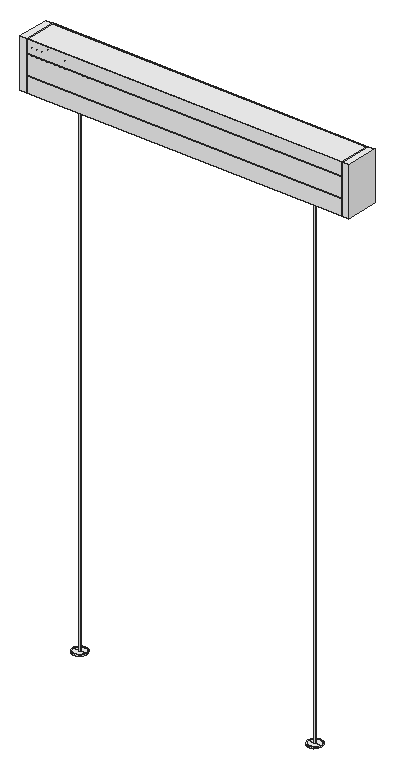
Revit family "2.3 inch  MAGIC WALL WASH LINEAR LIGHT", category Lighting Fixtures, host Face, Revit 2020 (continued)
Types (17): name | Wattage Comments | Wattage | Wall Mount | Suspenders Distance | Surface Mount | Recessed Mount | Photometric Web File | Pendent Mount | Order number | built-in parameter 1150142 | Model | built-in parameter 1150105 | Lumens | Light Source Height | Light Source Distance | built-in parameter 1150106 | Fixture Length
    7     2.64     2.60     2.56     \r\n 2.53     2.50     2.47     2.44     2.43     2.43     2.43     2.44     2.46     2.49     \r\n 2.51     2.54     2.57     2.59     2.62     2.65     2.68     2.72     2.75     2.79     \r\n 2.82     2.85     2.88     2.91     2.94     2.97     3.00     3.04     3.07     3.10     \r\n 3.13     3.16     3.20     3.23     3.26     3.30     3.34     3.38     3.41     3.44     \r\n 3.47     3.51     3.54     3.57     3.61     3.64     3.68     3.71     3.74     3.78     \r\n 3.81     3.85     3.90     3.94     3.97     3.99     4.04     4.09     4.14     4.20     \r\n 4.26     \r\n1793.11  1804.85  1816.57  1827.46  1838.14  1848.39  1858.34  1868.02  1877.27  1886.40  \r\n 1894.97  1903.55  1912.02  1920.49  1928.66  1936.73  1944.39  1951.71  1958.67  1964.85  \r\n 1971.03  1977.54  1984.06  1989.84  1995.53  2001.29  2007.08  2012.13  2016.36  2020.83  \r\n 2026.08  2031.31  2035.08  2038.83  2042.24  2045.59  2048.82  2051.95  2054.95  2057.74  \r\n 2060.43  2062.60  2064.75  2066.76  2068.74  2070.10  2071.16  2071.74  2071.58  2071.46  \r\n 2071.71  2071.99  2071.84  2071.63  2070.55  2069.06  2067.37  2065.35  2063.17  2060.15  \r\n 2057.15  2054.01  2050.82  2047.22  2043.35  2038.01  2028.71  2019.24  2009.37  1999.23  \r\n 1987.52  1975.04  1961.87  1947.76  1932.96  1916.96  1900.38  1883.12  1865.29  1845.95  \r\n 1825.04  1803.47  1780.71  1757.39  1732.76  1707.35  1680.94  1653.31  1625.06  1596.78  \r\n 1568.02  1539.55  1511.00  1481.99  1452.64  1422.99  1392.69  1362.02  1331.00  1299.64  \r\n 1268.03  1236.05  1203.81  1171.14  1138.05  1104.76  1071.68  1038.57  1008.04  981.54   \r\n 955.36   929.15   903.22   877.81   853.26   829.08   805.46   782.28   759.39   737.21   \r\n 715.38   694.00   673.27   652.77   632.81   613.45   594.23   575.23   556.43   537.77   \r\n 519.55   501.65   483.91   466.19   448.62   433.71   419.88   406.52   393.54   381.02   \r\n 369.02   357.37   346.06   335.54   325.36   315.49   306.06   297.17   288.42   279.80   \r\n 271.27   262.82   254.48   245.83   236.67   227.46   218.37   209.42   200.59   191.89   \r\n 183.28   174.76   166.33   157.98   149.71   141.52   133.42   125.40   118.17   111.02   \r\n 103.88   96.77    89.67    82.58    75.50    68.43    61.37    54.31    47.26    40.20    \r\n 33.14    31.05    28.95    26.86    24.77    22.68    20.60    18.53    16.48    14.44    \r\n 12.41    10.40    8.42     6.62     6.76     6.90     7.04     7.18     7.32     7.46     \r\n 7.60     7.74     7.89     8.03     8.18     8.32     8.47     8.61     8.75     8.87     \r\n 9.00     9.12     9.23     9.35     9.46     9.56     9.66     9.76     9.85     9.94     \r\n 10.03    10.11    10.18    10.25    10.30    10.36    10.37    10.17    9.98     9.79     \r\n 9.59     9.40     9.20     9.00     8.80     8.61     8.42     8.22     8.02     7.82     \r\n 7.63     7.43     7.24     7.05     6.86     6.67     6.49     6.31     6.13     5.95     \r\n 5.78     5.61     5.44     5.29     5.16     5.03     4.89     4.75     4.63     4.51     \r\n 4.40     4.29     4.19     4.10     4.01     3.93     3.84     3.76     3.68     3.60     \r\n 3.53     3.46     3.40     3.32     3.25     3.19     3.13     3.08     3.03     2.97     \r\n 2.92     2.87     2.82     2.77     2.71     2.64     2.56     2.52     2.48     2.45     \r\n 2.43     2.41     2.41     2.42     2.40     2.39     2.39     2.40     2.40     2.39     \r\n 2.39     2.39     2.38     2.39     2.39     2.39     2.40     2.41     2.41     2.42     \r\n 2.45     2.47     2.50     2.53     2.56     2.58     2.61     2.64     2.68     2.71     \r\n 2.75     2.78     2.81     2.85     2.88     2.91     2.95     2.98     3.01     3.05     \r\n 3.08     3.11     3.15     3.18     3.22     3.25     3.29     3.33     3.37     3.40     \r\n 3.44     3.47     3.51     3.54     3.58     3.61     3.65     3.69     3.72     3.76     \r\n 3.79     3.83     3.88     3.93     3.96     3.99     4.02     4.08     4.13     4.20     \r\n 4.26     \r\n1793.11  1805.57  1818.02  1829.52  1840.88  1851.69  1862.30  1872.46  1882.34  1891.86  \r\n 1901.02  1910.16  1919.24  1928.22  1936.90  1945.50  1953.38  1961.26  1968.08  1974.83  \r\n 1981.79  1988.81  1995.30  2001.55  2007.82  2014.11  2019.73  2024.46  2029.42  2035.00  \r\n 2040.40  2044.65  2048.86  2052.53  2056.21  2059.81  2063.39  2066.74  2070.01  2072.88  \r\n 2075.50  2078.02  2080.44  2082.47  2083.71  2084.81  2085.06  2085.30  2085.74  2086.19  \r\n 2086.46  2086.67  2085.76  2084.40  2082.81  2081.02  2078.78  2075.84  2072.94  2070.13  \r\n 2067.25  2063.55  2059.84  2054.14  2048.20  2042.40  2036.64  2030.08  2022.79  2015.40  \r\n 2007.89  2000.26  1991.94  1983.67  1975.12  1966.59  1956.33  1940.50  1922.83  1904.28  \r\n 1884.91  1864.39  1843.27  1820.98  1798.11  1773.91  1749.20  1724.80  1700.31  1674.79  \r\n 1648.18  1621.17  1593.41  1565.38  1536.51  1507.36  1477.83  1447.98  1417.52  1386.26  \r\n 1354.72  1322.24  1289.70  1256.74  1223.61  1189.75  1155.15  1120.61  1086.21  1051.97  \r\n 1017.54  983.40   949.78   916.76   884.18   853.11   822.66   793.70   766.02   740.71   \r\n 719.99   699.41   679.21   659.27   639.30   618.62   598.17   578.10   558.37   538.91   \r\n 519.94   501.28   483.25   466.04   449.15   433.36   418.42   403.98   390.10   376.71   \r\n 363.85   351.98   340.63   330.86   321.12   311.51   302.04   292.95   283.95   275.01   \r\n 266.14   257.39   248.77   240.27   231.86   223.57   215.40   207.36   199.23   190.82   \r\n 182.53   174.36   166.31   158.37   150.54   142.82   135.20   127.68   120.26   112.93   \r\n 105.72   98.60    91.51    84.45    77.42    70.41    63.41    56.43    49.46    42.49    \r\n 35.52    32.74    29.97    27.20    24.44    21.69    18.95    16.24    13.54    10.88    \r\n 8.24     7.07     7.20     7.33     7.47     7.60     7.73     7.86     8.00     8.13     \r\n 8.27     8.40     8.53     8.69     8.85     9.01     9.17     9.32     9.47     9.61     \r\n 9.75     9.89     10.03    10.16    10.29    10.42    10.55    10.67    10.72    10.56    \r\n 10.40    10.24    10.07    9.90     9.73     9.55     9.37     9.19     9.01     8.83     \r\n 8.64     8.45     8.26     8.06     7.86     7.67     7.48     7.29     7.10     6.90     \r\n 6.72     6.53     6.32     6.12     5.92     5.73     5.55     5.38     5.21     5.04     \r\n 4.89     4.74     4.60     4.47     4.34     4.21     4.09     3.98     3.88     3.78     \r\n 3.69     3.59     3.50     3.41     3.33     3.26     3.19     3.12     3.07     3.01     \r\n 2.96     2.90     2.85     2.79     2.75     2.70     2.66     2.61     2.56     2.52     \r\n 2.48     2.45     2.41     2.38     2.35     2.33     2.31     2.29     2.25     2.20     \r\n 2.19     2.18     2.19     2.20     2.22     2.25     2.28     2.29     2.30     2.32     \r\n 2.33     2.33     2.33     2.33     2.34     2.34     2.35     2.36     2.37     2.39     \r\n 2.40     2.41     2.44     2.47     2.50     2.53     2.56     2.59     2.62     2.65     \r\n 2.69     2.73     2.76     2.79     2.83     2.86     2.90     2.93     2.96     3.00     \r\n 3.04     3.07     3.10     3.14     3.18     3.21     3.25     3.29     3.33     3.38     \r\n 3.41     3.44     3.48     3.52     3.55     3.59     3.63     3.67     3.71     3.74     \r\n 3.78     3.82     3.86     3.91     3.95     3.98     4.01     4.07     4.13     4.19     \r\n 4.26     \r\n1793.11  1806.20  1819.28  1831.32  1843.28  1854.58  1865.77  1876.37  1886.80  1896.69  \r\n 1906.36  1916.01  1925.62  1935.01  1944.23  1953.02  1961.39  1969.31  1976.62  1983.97  \r\n 1991.43  1998.70  2005.45  2012.20  2018.95  2025.49  2030.67  2035.89  2041.75  2047.64  \r\n 2052.35  2057.03  2061.05  2065.02  2069.03  2073.04  2076.83  2080.56  2083.81  2086.85  \r\n 2089.77  2092.60  2094.66  2096.07  2097.16  2097.82  2098.45  2099.08  2099.72  2100.36  \r\n 2100.62  2099.39  2098.14  2096.59  2095.02  2092.17  2089.33  2086.89  2084.46  2081.12  \r\n 2077.61  2072.17  2066.08  2060.28  2054.61  2048.24  2041.28  2033.99  2026.34  2018.32  \r\n 2009.60  2000.86  1991.94  1982.75  1971.70  1960.63  1948.93  1937.20  1924.43  1911.56  \r\n 1898.04  1884.37  1869.71  1854.58  1839.90  1825.60  1810.41  1794.00  1777.32  1760.09  \r\n 1742.70  1724.48  1706.14  1679.24  1652.14  1623.48  1594.47  1563.68  1532.23  1500.43  \r\n 1468.36  1435.17  1400.47  1365.58  1330.07  1294.53  1256.53  1218.86  1181.75  1145.02  \r\n 1108.34  1071.98  1036.63  1002.41  968.66   935.11   902.26   870.20   838.92   807.45   \r\n 776.48   746.41   717.28   689.21   662.58   636.77   613.01   590.12   568.21   547.05   \r\n 526.51   506.76   487.72   470.09   453.05   436.73   421.14   405.99   391.65   377.80   \r\n 364.49   351.70   339.38   327.71   316.54   305.90   295.86   286.30   277.16   268.40   \r\n 260.07   252.11   242.84   233.77   224.88   216.20   207.72   199.50   191.51   183.74   \r\n 176.18   168.83   161.65   154.63   147.06   139.70   132.50   125.46   118.58   111.84   \r\n 105.25   98.80    92.47    85.54    78.63    71.76    64.93    58.12    51.34    44.58    \r\n 37.81    33.93    30.06    26.19    22.35    18.54    14.77    11.05    7.64     7.75     \r\n 7.86     7.97     8.09     8.20     8.32     8.44     8.56     8.67     8.86     9.04     \r\n 9.21     9.40     9.58     9.75     9.92     10.09    10.25    10.41    10.57    10.72    \r\n 10.60    10.47    10.33    10.20    10.07    9.94     9.80     9.66     9.52     9.37     \r\n 9.22     9.07     8.92     8.76     8.60     8.43     8.26     8.09     7.91     7.64     \r\n 7.35     7.07     6.81     6.55     6.31     6.08     5.85     5.63     5.42     5.22     \r\n 5.03     4.84     4.67     4.51     4.35     4.20     4.06     3.93     3.80     3.68     \r\n 3.56     3.46     3.35     3.25     3.16     3.07     2.98     2.89     2.81     2.74     \r\n 2.67     2.61     2.55     2.50     2.45     2.40     2.35     2.31     2.27     2.28     \r\n 2.28     2.28     2.29     2.29     2.28     2.27     2.27     2.26     2.26     2.26     \r\n 2.25     2.23     2.22     2.20     2.19     2.18     2.18     2.18     2.17     2.16     \r\n 2.14     2.11     2.10     2.10     2.11     2.12     2.15     2.18     2.20     2.22     \r\n 2.23     2.25     2.26     2.27     2.28     2.28     2.29     2.31     2.33     2.34     \r\n 2.36     2.38     2.40     2.42     2.45     2.49     2.52     2.55     2.58     2.61     \r\n 2.65     2.68     2.72     2.76     2.79     2.82     2.86     2.90     2.93     2.96     \r\n 3.00     3.04     3.07     3.10     3.14     3.18     3.22     3.26     3.30     3.35     \r\n 3.39     3.42     3.46     3.50     3.53     3.57     3.61     3.65     3.69     3.73     \r\n 3.76     3.80     3.85     3.90     3.95     3.98     4.01     4.07     4.12     4.19     \r\n 4.26     \r\n1793.11  1806.73  1820.34  1832.84  1845.32  1857.05  1868.74  1879.72  1890.63  1900.84  \r\n 1910.95  1921.05  1931.14  1940.90  1950.58  1959.57  1968.37  1976.42  1984.20  1992.03  \r\n 1999.88  2007.30  2014.50  2021.67  2028.83  2035.01  2040.60  2046.49  2052.61  2058.16  \r\n 2063.25  2067.89  2072.11  2076.43  2080.83  2085.12  2089.27  2093.11  2096.56  2099.91  \r\n 2103.13  2105.74  2107.29  2108.70  2109.77  2110.75  2111.55  2112.41  2113.46  2114.05  \r\n 2112.96  2111.85  2110.56  2109.08  2106.35  2103.70  2101.70  2099.61  2096.34  2093.02  \r\n 2086.84  2080.68  2075.14  2069.63  2063.15  2056.59  2049.02  2041.32  2032.49  2023.47  \r\n 2014.32  2005.16  1994.48  1983.30  1971.84  1960.24  1947.78  1934.87  1921.27  1907.25  \r\n 1892.51  1877.21  1861.98  1846.87  1831.19  1814.76  1797.78  1779.97  1761.92  1743.35  \r\n 1724.55  1705.19  1685.66  1665.38  1644.69  1621.80  1598.86  1575.51  1552.09  1526.29  \r\n 1500.38  1473.07  1445.57  1414.73  1383.21  1351.74  1320.10  1287.12  1253.42  1219.81  \r\n 1186.17  1151.55  1116.04  1080.11  1043.66  1004.05  963.83   924.23   885.33   847.32   \r\n 811.88   777.04   745.68   714.87   687.20   660.34   634.77   609.90   586.26   563.58   \r\n 541.44   519.94   499.08   479.35   459.94   441.08   422.56   405.05   387.95   371.50   \r\n 355.55   340.26   325.75   311.65   298.55   285.74   273.26   261.63   251.65   242.69   \r\n 233.98   225.82   217.90   210.37   203.15   196.19   189.62   183.25   177.07   171.07   \r\n 165.25   157.96   150.24   142.82   135.72   128.93   122.47   116.39   110.67   104.84   \r\n 98.84    93.11    87.62    82.36    77.32    71.87    65.29    58.79    52.35    45.95    \r\n 39.57    34.32    29.06    23.79    18.51    13.21    10.97    10.30    9.74     9.30     \r\n 9.04     8.88     8.95     9.15     9.35     9.55     9.75     9.95     10.15    10.34    \r\n 10.45    10.34    10.24    10.13    10.02    9.91     9.79     9.68     9.56     9.44     \r\n 9.32     9.19     9.06     8.93     8.66     8.27     7.90     7.54     7.20     6.88     \r\n 6.56     6.26     5.97     5.70     5.44     5.18     4.94     4.71     4.49     4.28     \r\n 4.08     3.89     3.71     3.54     3.37     3.22     3.08     2.94     2.81     2.69     \r\n 2.57     2.47     2.36     2.27     2.18     2.10     2.03     2.05     2.06     2.07     \r\n 2.09     2.10     2.12     2.14     2.15     2.16     2.18     2.19     2.19     2.20     \r\n 2.21     2.22     2.22     2.23     2.24     2.25     2.26     2.27     2.28     2.25     \r\n 2.21     2.19     2.17     2.16     2.15     2.13     2.12     2.11     2.10     2.10     \r\n 2.09     2.09     2.08     2.07     2.05     2.03     2.02     2.01     2.02     2.02     \r\n 2.03     2.03     2.02     2.01     2.02     2.02     2.04     2.06     2.09     2.12     \r\n 2.14     2.15     2.18     2.20     2.21     2.23     2.24     2.25     2.27     2.30     \r\n 2.32     2.34     2.36     2.39     2.42     2.45     2.49     2.52     2.55     2.58     \r\n 2.62     2.65     2.69     2.73     2.76     2.79     2.83     2.87     2.90     2.93     \r\n 2.97     3.01     3.05     3.08     3.12     3.16     3.20     3.24     3.28     3.33     \r\n 3.37     3.40     3.44     3.48     3.52     3.56     3.60     3.64     3.68     3.72     \r\n 3.75     3.80     3.84     3.89     3.94     3.97     4.00     4.06     4.12     4.19     \r\n 4.26     \r\n1793.11  1807.15  1821.19  1834.08  1846.97  1859.08  1871.17  1882.48  1893.79  1904.29  \r\n 1914.77  1925.25  1935.72  1945.82  1955.90  1965.10  1974.26  1982.54  1990.75  1998.93  \r\n 2007.11  2014.75  2022.35  2029.86  2037.36  2043.47  2049.43  2055.69  2061.99  2067.55  \r\n 2073.01  2077.58  2082.03  2086.75  2091.50  2096.07  2100.60  2104.53  2108.34  2111.95  \r\n 2115.52  2117.50  2119.19  2120.70  2122.16  2123.20  2124.17  2125.53  2126.97  2126.50  \r\n 2125.57  2124.57  2123.55  2121.31  2118.73  2116.94  2115.36  2112.69  2109.68  2104.26  \r\n 2098.07  2092.53  2087.22  2081.36  2075.28  2068.05  2060.38  2051.58  2042.33  2033.02  \r\n 2023.70  2013.09  2001.92  1990.64  1979.31  1967.00  1954.20  1940.48  1926.28  1911.38  \r\n 1896.09  1880.52  1864.79  1848.78  1832.57  1815.21  1797.09  1778.66  1760.01  1740.62  \r\n 1720.69  1700.67  1680.54  1658.98  1636.21  1613.27  1590.17  1566.41  1541.97  1516.83  \r\n 1490.97  1463.80  1435.16  1406.68  1378.42  1349.47  1319.68  1289.85  1260.01  1229.41  \r\n 1197.73  1166.08  1134.56  1102.50  1069.61  1036.45  1003.00  969.80   937.54   905.56   \r\n 874.75   844.39   815.90   787.47   759.55   731.90   705.68   679.50   653.73   628.04   \r\n 603.44   578.87   554.63   530.37   507.38   484.38   461.78   439.22   418.04   397.00   \r\n 376.93   357.09   337.83   318.77   300.23   285.44   271.32   257.70   244.75   232.41   \r\n 220.63   209.54   198.96   189.11   179.68   170.99   162.67   155.33   148.31   141.67   \r\n 135.43   129.63   124.00   118.35   111.90   105.72   100.34   95.14    90.21    85.59    \r\n 81.26    76.19    71.56    67.46    63.93    60.73    58.08    56.01    51.62    46.10    \r\n 40.67    35.58    30.42    24.96    19.28    13.88    9.78     9.37     9.41     9.52     \r\n 9.67     9.54     9.43     9.33     9.23     9.14     9.06     9.00     8.50     7.94     \r\n 7.39     6.85     6.34     5.86     5.40     4.96     4.54     4.16     3.79     3.44     \r\n 3.11  
